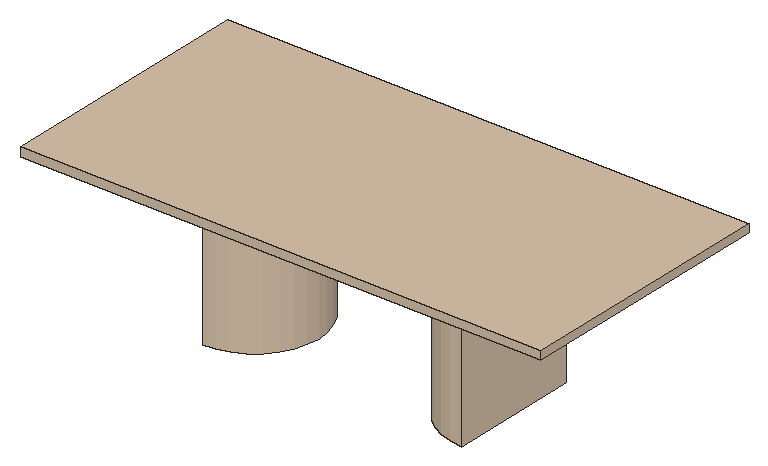
Revit family "Haworth_Executive_Table_RectangleOnePiece", category Furniture Systems, Revit 2018
Family settings
  Round Connector Dimension = Use Diameter
  Part Type = Normal
  OmniClass Number = 23.40.70.14.64.21
  OmniClass Title = Systems Furniture
  Work Plane-Based = No
  Always vertical = Yes
  Cut with Voids When Loaded = No
  Shared = No
  Room Calculation Point = No
Parameters (values of type "48d 96w Half Cylinder Bases")
  Wood X Size = if(Depth 60, 32", 26")  # 26"
  Width = 96"
  Warranty = "http://www.haworth.com/resources/product-info/warranties"
  URL - Product = "http://www.haworth.com/products/tables/conference/wood-conference"
  Top Thickness = 1 1/2"  # constant formula
  Top Finish = Haworth _ Wood _ White Oak
  Top Edge Finish = Haworth _ Wood _ White Oak
  Sustainability Info = "http://www.haworth.com/company-info/sustainablility"
  Support Offset = if(Depth 60, 30", if(Depth 54, 27", if(Depth 48, 24", if(Depth 42, 21", 18"))))  # 24"
  Support Finish = Haworth _ Wood _ White Oak
  Standard Widths = if(Depth 60, "108, 120 in.", if(Depth 54, "108, 120 in.", if(Depth 48, "84, 96, 108, 120 in.", if(Depth 42, "78, 84, 96, 108, 120 in.", "60, 66, 72, 78, 84 in."))))  # "84, 96, 108, 120 in."
  Slab Width = if(Actual Width < 79", Actual Width - 24", Actual Width - 48")  # 48"
  Size = "Verify Final Dim. w/ Haworth"  # constant formula
  Model = "Haworth - Executive Table - Rectangle - One Piece"  # constant formula
  URL = "http://haworth.com/"
  Revision Number = "2"  # constant formula
  Min Width = if(Depth 60, 108", if(Depth 54, 108", if(Depth 48, 84", if(Depth 42, 78", 60"))))  # 84"
  Max Width = if(Depth 36, 84", 120")  # 120"
  Manufacturer = "Haworth"  # constant formula
  Cylinder Size = if(or(Depth 36, Depth 42), 18", if(or(Depth 48, Depth 54), 24", 30"))  # 24"
  Description = "Haworth - Executive Table - Rectangle - One Piece"  # constant formula
  Depth 60 = no
  Depth 54 = no
  Depth 48 = yes
  Depth 42 = no
  Depth 36 = not(or(Depth 60, Depth 54, Depth 48, Depth 42))  # no
  Border Offset = 4 1/2"  # constant formula
  Border = yes
  Base Kit Wood X = no
  Base Kit Wood Slab = no
  Base Kit Half Cylinder = yes
  Base Kit Full Cylinder = not(or(Base Kit Wood X, Base Kit Wood Slab, Base Kit Half Cylinder))  # no
  Author = "Haworth (Hampton)"  # constant formula
  Assembly Code = "E2020200"
  Actual Width = if(Width < Min Width, Min Width, if(Width > Max Width, Max Width, Width))  # 96"
  Actual Height = 29 1/2"  # constant formula
  Standard Depths = "36, 42, 48, 54, 60 in."  # constant formula
  Actual Depth = if(Depth 60, 60", if(Depth 54, 54", if(Depth 48, 48", if(Depth 42, 42", 36"))))  # 48"
Types (6): name | Wood X Size | Width | Support Offset | Standard Widths | Slab Width | Min Width | Max Width | Cylinder Size | Depth 60 | Depth 54 | Depth 48 | Depth 42 | Depth 36 | Base Kit Wood X | Base Kit Wood Slab | Base Kit Half Cylinder | Base Kit Full Cylinder | Actual Width | Actual Depth
  (no name) | 26" | 96" | 24" | "84, 96, 108, 120 in." | 48" | 84" | 120" | 24" | no | no | yes | no | no | no | no | yes | no | 96" | 48"
  60d 120w Slab Base | 32" | 120" | 30" | "108, 120 in." | 72" | 108" | 120" | 30" | yes | no | no | no | no | no | yes | no | no | 120" | 60"
  54d 120w X Bases | 26" | 120" | 27" | "108, 120 in." | 72" | 108" | 120" | 24" | no | yes | no | no | no | yes | no | no | no | 120" | 54"
  48d 96w Half Cylinder Bases | 26" | 96" | 24" | "84, 96, 108, 120 in." | 48" | 84" | 120" | 24" | no | no | yes | no | no | no | no | yes | no | 96" | 48"
  42d 96w Full Cylinder Bases | 26" | 96" | 21" | "78, 84, 96, 108, 120 in." | 48" | 78" | 120" | 18" | no | no | no | yes | no | no | no | no | yes | 96" | 42"
  36d 72w Slab Base | 26" | 72" | 18" | "60, 66, 72, 78, 84 in." | 48" | 60" | 84" | 18" | no | no | no | no | yes | no | yes | no | no | 72" | 36"
Reference planes (in)
  plane 1 "Center F/B": y = -0.15866
  plane 2 "Floor": z = 0
  plane 3 "Center L/R": x = 0
  plane 4 "Table Edge Left": x = -48
  plane 5 "Table Edge Right": x = 48
  plane 6 "Table Edge Back": y = -24.15866
  plane 7 "Table Edge Front": y = 23.84134
  plane 8 "Table Top": z = 29.5
  plane 9 "Table Top Bottom": z = 28
  plane 10 "Leg Outside Left": x = -24
  plane 11 "Leg Outside Right": x = 24
  plane 12 "Trim Left": x = -43.5
  plane 13 "Trim Right": x = 43.5
  plane 14 "Trim Top": y = 19.34134
  plane 15 "Trim Bottom": y = -19.65866
Forms (in)
  Extrusion 1, solid, material "Haworth _ Wood _ White Oak" <- "Top Finish"
    sketch origin (0, 0, 0) x (1, 0, 0) y (0, 1, 0)
      loop
        line (-48, 23.84134) -> (-48, -24.15866) -> (48, -24.15866) -> (48, 23.84134) -> (-48, 23.84134)
    from 28 to 29.5
Lines and regions (in)
  Masking region 1
    outline origin (0, 0, 25.33203) x (0, -1, 0) y (1, 0, 0)
      loop
        line (-23.84134, -48) -> (33.31893, -48) -> (33.31893, 48) -> (-23.84134, 48) -> (-23.84134, -48)
  model lines, style "Haworth"
    curve 1: line (-43.5, 19.34134, 29.5) -> (43.5, 19.34134, 29.5)
    curve 2: line (-43.5, -19.65866, 29.5) -> (-43.5, 19.34134, 29.5)
    curve 3: line (43.5, -19.65866, 29.5) -> (-43.5, -19.65866, 29.5)
    curve 4: line (43.5, 19.34134, 29.5) -> (43.5, -19.65866, 29.5)
Dimensions and locks (in)
  "Actual Depth": plane 7 "Table Edge Front" to plane 6 "Table Edge Back"
  "Actual Width": plane 4 "Table Edge Left" to plane 5 "Table Edge Right"
  equal spacing: plane 4 "Table Edge Left", plane 3 "Center L/R", plane 5 "Table Edge Right"
  equal spacing: plane 7 "Table Edge Front", plane 1 "Center F/B", plane 6 "Table Edge Back"
  "Actual Height": plane 8 "Table Top" to level
  "Top Thickness": plane 8 "Table Top" to plane 9 "Table Top Bottom"
  "Support Offset": plane 4 "Table Edge Left" to plane 10 "Leg Outside Left"
  "Support Offset": plane 11 "Leg Outside Right" to plane 5 "Table Edge Right"
  "Border Offset": plane 7 "Table Edge Front" to plane 14 "Trim Top"
  "Border Offset": plane 15 "Trim Bottom" to plane 6 "Table Edge Back"
  "Border Offset": plane 4 "Table Edge Left" to plane 12 "Trim Left"
  "Border Offset": plane 13 "Trim Right" to plane 5 "Table Edge Right"
  aligned and locked: Extrusion 1 sketch curve to plane 7 "Table Edge Front"
  aligned and locked: plane 4 "Table Edge Left" to Extrusion 1 sketch curve
  aligned and locked: plane 6 "Table Edge Back" to Extrusion 1 sketch curve
  aligned and locked: Extrusion 1 sketch curve to plane 5 "Table Edge Right"
  aligned and locked: Extrusion 1 to plane 8 "Table Top"
  aligned and locked: Extrusion 1 to plane 9 "Table Top Bottom"
  aligned and locked: plane 3 "Center L/R" to nested 1
  aligned and locked: plane 1 "Center F/B" to nested 1
  aligned and locked: plane 10 "Leg Outside Left" to nested 2
  aligned and locked: plane 1 "Center F/B" to nested 2
  aligned and locked: nested 3 to plane 11 "Leg Outside Right"
  aligned and locked: plane 1 "Center F/B" to nested 3
  aligned and locked: nested 5 to nested 1
  aligned and locked: nested 5 to plane 10 "Leg Outside Left"
  aligned and locked: plane 1 "Center F/B" to nested 4
  aligned and locked: nested 4 to plane 11 "Leg Outside Right"
  aligned and locked: plane 10 "Leg Outside Left" to nested 6
  aligned and locked: plane 1 "Center F/B" to nested 6
  aligned and locked: nested 7 to plane 11 "Leg Outside Right"
  aligned and locked: plane 1 "Center F/B" to nested 7
  aligned and locked: curve 1 to plane 14 "Trim Top"
  aligned and locked: plane 12 "Trim Left" to curve 2
  aligned and locked: curve 3 to plane 15 "Trim Bottom"
  aligned and locked: plane 13 "Trim Right" to curve 4
Automatic sketch dimensions
  Masking region 1 sketch curve to plane 5 "Table Edge Right" = 0"
  Masking region 1 sketch curve to plane 7 "Table Edge Front" = 0"
  Masking region 1 sketch curve to plane 4 "Table Edge Left" = 0"
  Masking region 1 sketch curve to plane 6 "Table Edge Back" = 9.16027"
Nested families (in)
  nested 1: "Haworth_Executive-Base_Wood-Slab-Small" at (0, 0, 0), visible <- "Base Kit Wood Slab", type "Wood Slab"
    with Width 48", Actual Width 48"
  nested 2: "Haworth_Executive-Base_Full-Cylinder" at (-24, 0, 0), visible <- "Base Kit Full Cylinder", type "Full Cylinder"
    with Diameter 24", Radius 12", Actual Diameter 24"
  nested 3: "Haworth_Executive-Base_Full-Cylinder" at (24, 0, 0), visible <- "Base Kit Full Cylinder", type "Full Cylinder"
    with Diameter 24", Radius 12", Actual Diameter 24"
  nested 4: "Haworth_Executive-Base_Half-Cylinder" at (24, 0, 0), visible <- "Base Kit Half Cylinder", type "Half Cylinder"
    with Diameter 24", Radius 12", Actual Diameter 24"
  nested 5: "Haworth_Executive-Base_Half-Cylinder" at (-24, -0.31732, 0) x (-1, 0, 0) z (0, 0, 1), visible <- "Base Kit Half Cylinder", type "Half Cylinder"
    with Diameter 24", Radius 12", Actual Diameter 24"
  nested 6: "Haworth_Executive-Base_Wood-X" at (-24, 0, 0), visible <- "Base Kit Wood X", type "Wood X"
  nested 7: "Haworth_Executive-Base_Wood-X" at (24, 0, 0), visible <- "Base Kit Wood X", type "Wood X"
Definition of nested family "Haworth_Executive-Base_Wood-Slab-Small"
  Parameters
    Width = 36"
    Warranty = ""
    URL - Product = ""
    Support Thickness Half = 1"  # constant formula
    Support Finish = none
    Support Bar Half = 3/8"  # constant formula
    Size = "Verify Final Dim. w/ Haworth"  # constant formula
    Model = "Haworth_Executive-Base_Wood-Slab_Small"  # constant formula
    URL = "http://haworth.com/"
    Revision Number = "1"  # constant formula
    Min Width = 36"  # constant formula
    Max Width = 72"  # constant formula
    Manufacturer = "Haworth"  # constant formula
    Description = "Haworth_Executive-Base_Wood-Slab_Small"
    Author = "Haworth (Hampton)"  # constant formula
    Assembly Code = "E2020200"
    Actual Height = 28"  # constant formula
    Actual Width = if(Width < Min Width, Min Width, if(Width > Max Width, Max Width, Width))  # 36"
    Actual Depth = 30"  # constant formula
  Reference planes (in)
    plane 1 "Center F/B": y = -0.15866
    plane 2 "Floor": z = 0
    plane 3 "Center L/R": x = 0
    plane 4 "Base Edge Left": x = -18
    plane 5 "Base Edge Right": x = 18
    plane 6 "Base Edge Back": y = -15.15866
    plane 7 "Base Edge Front": y = 14.84134
    plane 8 "Table Top Bottom": z = 28
    plane 9 "Left Out Support Edge": x = -19
    plane 10 "Left In Support Edge": x = -17
    plane 11 "Back Support Edge": y = 0.21634
    plane 12 "Front Support Edge": y = -0.53366
    plane 13 "Support Slab Bottom": z = 22
    plane 14 "Right Out Support Edge": x = 19
    plane 15 "Right In Support Edge": x = 17
  Forms (in)
    Extrusion 1, solid, material <- "Support Finish"
      sketch origin (0, 0, 0) x (1, 0, 0) y (0, 1, 0)
        loop
          line (-17, 0.21634) -> (-17, -0.53366) -> (17, -0.53366) -> (17, 0.21634) -> (-17, 0.21634)
      from 22 to 28
    Extrusion 2, solid, material <- "Support Finish"
      sketch origin (-27, 0, 0) x (1, 0, 0) y (0, 1, 0)
        loop
          line (8, 14.84134) -> (8, -15.15866) -> (10, -15.15866) -> (10, 14.84134) -> (8, 14.84134)
      from 0 to 28
    Extrusion 3, solid, material <- "Support Finish"
      sketch origin (35.79484, 0, 0) x (-1, 0, 0) y (0, -1, 0)
        loop
          line (16.79484, -14.84134) -> (18.79484, -14.84134) -> (18.79484, 15.15866) -> (16.79484, 15.15866) -> (16.79484, -14.84134)
      from 0 to 28
  Lines and regions (in)
    symbolic lines, detail levels fine
      curve 1: line (-17, -0.15866, 0) -> (17, -0.15866, 0)
      curve 2: line (-18, -15.15866, 0) -> (-18, 14.84134, 0)
      curve 3: line (18, -15.15866, 0) -> (18, 14.84134, 0)
  Dimensions and locks (in)
    "Actual Depth": plane 7 "Base Edge Front" to plane 6 "Base Edge Back"
    "Actual Width": plane 4 "Base Edge Left" to plane 5 "Base Edge Right"
    equal spacing: plane 4 "Base Edge Left", plane 3 "Center L/R", plane 5 "Base Edge Right"
    equal spacing: plane 7 "Base Edge Front", plane 1 "Center F/B", plane 6 "Base Edge Back"
    "Actual Height": plane 8 "Table Top Bottom" to plane 2 "Floor"
    "Support Bar Half": plane 12 "Front Support Edge" to plane 1 "Center F/B"
    "Support Bar Half": plane 1 "Center F/B" to plane 11 "Back Support Edge"
    "Support Thickness Half": plane 9 "Left Out Support Edge" to plane 4 "Base Edge Left"
    "Support Thickness Half": plane 4 "Base Edge Left" to plane 10 "Left In Support Edge"
    "Support Thickness Half": plane 15 "Right In Support Edge" to plane 5 "Base Edge Right"
    "Support Thickness Half": plane 5 "Base Edge Right" to plane 14 "Right Out Support Edge"
    aligned and locked: Extrusion 1 sketch curve to plane 11 "Back Support Edge"
    aligned and locked: Extrusion 1 sketch curve to plane 12 "Front Support Edge"
    aligned: Extrusion 1 sketch curve to plane 5 "Base Edge Right"
    aligned and locked: Extrusion 2 sketch curve to plane 7 "Base Edge Front"
    aligned and locked: Extrusion 2 sketch curve to plane 6 "Base Edge Back"
    aligned: Extrusion 2 sketch curve to plane 9 "Left Out Support Edge"
    aligned: Extrusion 2 sketch curve to plane 10 "Left In Support Edge"
    aligned and locked: plane 8 "Table Top Bottom" to Extrusion 2
    aligned: plane 8 "Table Top Bottom" to Extrusion 1
    aligned and locked: Extrusion 1 sketch curve to plane 10 "Left In Support Edge"
    aligned: Extrusion 1 to plane 13 "Support Slab Bottom"
    aligned and locked: Extrusion 2 to plane 10 "Left In Support Edge"
    aligned and locked: Extrusion 2 to plane 9 "Left Out Support Edge"
    aligned and locked: plane 4 "Base Edge Left" to curve 2
    aligned: plane 14 "Right Out Support Edge" to Extrusion 3 sketch curve
    aligned: plane 15 "Right In Support Edge" to Extrusion 3 sketch curve
    aligned and locked: plane 15 "Right In Support Edge" to Extrusion 3
    aligned and locked: plane 14 "Right Out Support Edge" to Extrusion 3
    aligned and locked: Extrusion 1 to curve 1
  Automatic sketch dimensions
    Extrusion 3 sketch curve to plane 6 "Base Edge Back" = 0"
    Extrusion 3 sketch curve to plane 7 "Base Edge Front" = 0"
    plane 1 "Center F/B" to curve 1 = 0"
    curve 1 to plane 10 "Left In Support Edge" = 0"
    curve 2 to plane 6 "Base Edge Back" = 0"
    curve 3 to plane 6 "Base Edge Back" = 0"
    curve 3 to plane 7 "Base Edge Front" = 0"
    curve 2 to plane 7 "Base Edge Front" = 0"
    curve 3 to plane 5 "Base Edge Right" = 0"
    Extrusion 1 sketch curve to plane 5 "Base Edge Right" = 1"
Definition of nested family "Haworth_Executive-Base_Full-Cylinder"
  Parameters
    Diameter = 18"
    Warranty = ""
    URL - Product = ""
    Support Finish = none
    Size = "Verify Final Dim. w/ Haworth"  # constant formula
    Radius = Actual Diameter / 2  # 9"
    Model = "Haworth_Executive-Base_Full-Cylinder"  # constant formula
    URL = "http://haworth.com/"
    Revision Number = "1"  # constant formula
    Min Width = 18"  # constant formula
    Max Width = 30"  # constant formula
    Manufacturer = "Haworth"  # constant formula
    Description = "Haworth_Executive-Base_Full-Cylinder"
    Author = "Haworth (Hampton)"  # constant formula
    Assembly Code = "E2020200"
    Actual Height = 28"  # constant formula
    Standard Diameters = "18, 24, 30 in."  # constant formula
    Actual Diameter = if(Diameter < Min Width, Min Width, if(Diameter > Max Width, Max Width, Diameter))  # 18"
  Reference planes (in)
    plane 1 "Center F/B": y = -0.15866
    plane 2 "Floor": z = 0
    plane 3 "Center L/R": x = 0
    plane 4 "Base Edge Left": x = -9
    plane 5 "Base Edge Right": x = 9
    plane 6 "Base Edge Back": y = -9.15866
    plane 7 "Base Edge Front": y = 8.84134
    plane 8 "Table Top Bottom": z = 28
  Forms (in)
    Extrusion 1, solid, material <- "Support Finish"
      sketch origin (0, 0, 0) x (1, 0, 0) y (0, 1, 0)
        loop
          circle (0, -0.15866) r 9
      from 0 to 28
  Lines and regions (in)
    symbolic lines, detail levels fine
      curve 1: circle (0, -0.15866, 0) r 9 normal (0, 0, 1)
  Dimensions and locks (in)
    "Actual Diameter": plane 7 "Base Edge Front" to plane 6 "Base Edge Back"
    "Actual Diameter": plane 4 "Base Edge Left" to plane 5 "Base Edge Right"
    equal spacing: plane 4 "Base Edge Left", plane 3 "Center L/R", plane 5 "Base Edge Right"
    equal spacing: plane 7 "Base Edge Front", plane 1 "Center F/B", plane 6 "Base Edge Back"
    "Actual Height": plane 8 "Table Top Bottom" to plane 2 "Floor"
    "Radius": radius of curve 1
    "Radius": radius of Extrusion 1 sketch curve
    aligned and locked: plane 8 "Table Top Bottom" to Extrusion 1
  Automatic sketch dimensions
    plane 1 "Center F/B" to Extrusion 1 sketch curve = 0"
    Extrusion 1 sketch curve to plane 3 "Center L/R" = 0"
    plane 1 "Center F/B" to curve 1 = 0"
    curve 1 to plane 3 "Center L/R" = 0"
Definition of nested family "Haworth_Executive-Base_Half-Cylinder"
  Parameters
    Diameter = 18"
    Warranty = ""
    URL - Product = ""
    Support Finish = none
    Size = "Verify Final Dim. w/ Haworth"  # constant formula
    Radius = Actual Diameter / 2  # 9"
    Model = "Haworth_Executive-Base_Half-Cylinder"  # constant formula
    URL = "http://haworth.com/"
    Revision Number = "1"  # constant formula
    Min Width = 18"  # constant formula
    Max Width = 30"  # constant formula
    Manufacturer = "Haworth"  # constant formula
    Description = "Haworth_Executive-Base_Half-Cylinder"
    Author = "Haworth (Hampton)"  # constant formula
    Assembly Code = "E2020200"
    Actual Height = 28"  # constant formula
    Standard Diameters = "18, 24, 30 in."  # constant formula
    Actual Diameter = if(Diameter < Min Width, Min Width, if(Diameter > Max Width, Max Width, Diameter))  # 18"
  Reference planes (in)
    plane 1 "Center F/B": y = -0.15866
    plane 2 "Floor": z = 0
    plane 3 "Center L/R": x = 0
    plane 4 "Base Edge Left": x = -9
    plane 5 "Base Edge Right": x = 9
    plane 6 "Base Edge Back": y = -9.15866
    plane 7 "Base Edge Front": y = 8.84134
    plane 8 "Table Top Bottom": z = 28
  Forms (in)
    Extrusion 1, solid, material <- "Support Finish"
      sketch origin (0, 0, 0) x (1, 0, 0) y (0, 1, 0)
        loop
          arc (0, 8.84134) -> (-9, -0.15866) -> (0, -9.15866) r 9
          line (0, -9.15866) -> (0, 8.84134)
      from 0 to 28
  Lines and regions (in)
    symbolic lines, detail levels fine
      curve 1: line (0, 8.84134, 0) -> (0, -9.15866, 0)
      curve 2: arc (0, 8.84134, 0) -> (-9, -0.15866, 0) -> (0, -9.15866, 0) r 9
  Dimensions and locks (in)
    "Actual Diameter": plane 7 "Base Edge Front" to plane 6 "Base Edge Back"
    "Actual Diameter": plane 4 "Base Edge Left" to plane 5 "Base Edge Right"
    equal spacing: plane 4 "Base Edge Left", plane 3 "Center L/R", plane 5 "Base Edge Right"
    equal spacing: plane 7 "Base Edge Front", plane 1 "Center F/B", plane 6 "Base Edge Back"
    "Actual Height": plane 8 "Table Top Bottom" to plane 2 "Floor"
    "Radius": radius of Extrusion 1 sketch curve
    "Radius": radius of Extrusion 1
    aligned and locked: plane 8 "Table Top Bottom" to Extrusion 1
  Automatic sketch dimensions
    Extrusion 1 sketch curve to plane 3 "Center L/R" = 0"
    Extrusion 1 sketch curve to plane 6 "Base Edge Back" = 0"
    Extrusion 1 sketch curve to plane 7 "Base Edge Front" = 0"
    plane 1 "Center F/B" to curve 2 = 0"
    curve 2 to plane 3 "Center L/R" = 0"
    curve 2 to plane 6 "Base Edge Back" = 0"
Definition of nested family "Haworth_Executive-Base_Wood-X"
  Parameters
    Width = 26"
    Warranty = ""
    URL - Product = ""
    Support Thickness Half = 5/8"  # constant formula
    Support Finish = none
    Size = "Verify Final Dim. w/ Haworth"  # constant formula
    Model = "Haworth_Executive-Base_Wood-X"  # constant formula
    URL = "http://haworth.com/"
    Revision Number = "1"  # constant formula
    Min Width = 26"  # constant formula
    Max Width = 32"  # constant formula
    Manufacturer = "Haworth"  # constant formula
    Description = "Haworth_Executive-Base_Wood-X"
    Author = "Haworth (Hampton)"  # constant formula
    Assembly Code = "E2020200"
    Actual Height = 28"  # constant formula
    Standard Widths = "26, 32 in."  # constant formula
    Actual Width = if(Width < Min Width, Min Width, if(Width > Max Width, Max Width, Width))  # 26"
  Reference planes (in)
    plane 1 "Center F/B": y = -0.15866
    plane 2 "Floor": z = 0
    plane 3 "Center L/R": x = 0
    plane 4 "Base Edge Left": x = -13
    plane 5 "Base Edge Right": x = 13
    plane 6 "Base Edge Back": y = -13.15866
    plane 7 "Base Edge Front": y = 12.84134
    plane 8 "Table Top Bottom": z = 28
    plane 9 "Left Support Edge": x = -0.625
    plane 10 "Right Support Edge": x = 0.625
    plane 11 "Back Support Edge": y = 0.46634
    plane 12 "Front Support Edge": y = -0.78366
  Forms (in)
    Extrusion 1, solid, material <- "Support Finish"
      sketch origin (0, 0, 0) x (1, 0, 0) y (0, 1, 0)
        loop
          line (-13, 0.46634) -> (-13, -0.78366) -> (13, -0.78366) -> (13, 0.46634) -> (-13, 0.46634)
      from 0 to 28
    Extrusion 2, solid, material <- "Support Finish"
      sketch origin (0, 0, 0) x (1, 0, 0) y (0, 1, 0)
        loop
          line (-0.625, 12.84134) -> (-0.625, 0.46634) -> (0.625, 0.46634) -> (0.625, 12.84134) -> (-0.625, 12.84134)
        loop
          line (-0.625, -13.15866) -> (0.625, -13.15866) -> (0.625, -0.78366) -> (-0.625, -0.78366) -> (-0.625, -13.15866)
      from 0 to 28
  Lines and regions (in)
    symbolic lines, detail levels fine
      curve 1: line (-13, -0.15866, 0) -> (13, -0.15866, 0)
      curve 2: line (0, -13.15866, 0) -> (0, 12.84134, 0)
  Dimensions and locks (in)
    "Actual Width": plane 7 "Base Edge Front" to plane 6 "Base Edge Back"
    "Actual Width": plane 4 "Base Edge Left" to plane 5 "Base Edge Right"
    equal spacing: plane 4 "Base Edge Left", plane 3 "Center L/R", plane 5 "Base Edge Right"
    equal spacing: plane 7 "Base Edge Front", plane 1 "Center F/B", plane 6 "Base Edge Back"
    "Actual Height": plane 8 "Table Top Bottom" to plane 2 "Floor"
    "Support Thickness Half": plane 12 "Front Support Edge" to plane 1 "Center F/B"
    "Support Thickness Half": plane 1 "Center F/B" to plane 11 "Back Support Edge"
    "Support Thickness Half": plane 9 "Left Support Edge" to plane 3 "Center L/R"
    "Support Thickness Half": plane 3 "Center L/R" to plane 10 "Right Support Edge"
    aligned and locked: Extrusion 1 sketch curve to plane 11 "Back Support Edge"
    aligned and locked: plane 4 "Base Edge Left" to Extrusion 1 sketch curve
    aligned and locked: Extrusion 1 sketch curve to plane 12 "Front Support Edge"
    aligned and locked: Extrusion 1 sketch curve to plane 5 "Base Edge Right"
    aligned and locked: Extrusion 2 sketch curve to plane 7 "Base Edge Front"
    aligned and locked: plane 9 "Left Support Edge" to Extrusion 2 sketch curve
    aligned and locked: plane 11 "Back Support Edge" to Extrusion 2 sketch curve
    aligned and locked: plane 10 "Right Support Edge" to Extrusion 2 sketch curve
    aligned and locked: Extrusion 2 sketch curve to plane 6 "Base Edge Back"
    aligned and locked: Extrusion 2 sketch curve to plane 9 "Left Support Edge"
    aligned and locked: Extrusion 2 sketch curve to plane 12 "Front Support Edge"
    aligned and locked: Extrusion 2 sketch curve to plane 10 "Right Support Edge"
    aligned and locked: plane 8 "Table Top Bottom" to Extrusion 2
    aligned and locked: plane 8 "Table Top Bottom" to Extrusion 1
  Automatic sketch dimensions
    plane 1 "Center F/B" to curve 1 = 0"
    curve 1 to plane 4 "Base Edge Left" = 0"
    curve 2 to plane 3 "Center L/R" = 0"
    curve 1 to plane 5 "Base Edge Right" = 0"
    curve 2 to plane 6 "Base Edge Back" = 0"
    curve 2 to plane 7 "Base Edge Front" = 0"
